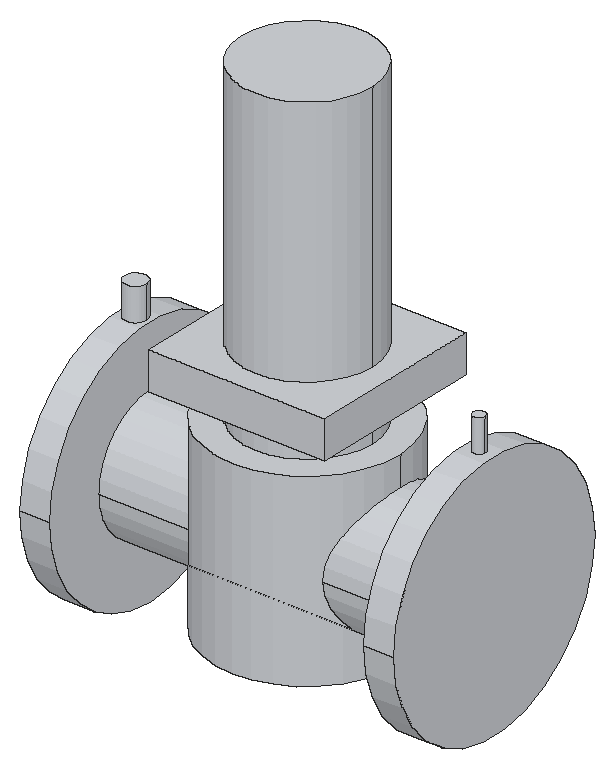
Revit family "PV_Compact_PN16_DN100_(20-100kPa)_RFA_2018", category Pipe Accessories, Revit 2018
Family settings
  Round Connector Dimension = Use Diameter
  Part Type = Valve - Breaks Into
  Work Plane-Based = No
  Always vertical = Yes
  Cut with Voids When Loaded = No
  Shared = No
Parameters (values of type "PV Compact PN16 DN100 (20-100kPa)")
  magiProductId = "9ee8abb4b353443d9e820e5bd3bf33"
  magiProductFamilyId = "23d1f353e6b1477a88f64fef0dfa1d"
  magiPartTypeId = 304
  isMeasuringValve [instance] = no
  ang2D [instance] = 0.00°
  W2D = 50 mm
  VersionID = "2.0/2018.12.13.2/FRESE_PV_COMPACT_BIG_Q13_001"
  Use Minimum Symbol Size [instance] = no
  URL = "www.hydronic.cz"
  Type Comments = "PŘÍRUBOVÝ; PN16; dpmax=1000kPa; -10~+120°C"
  R4 = 61.25 mm
  R3 = 61.1 mm
  R1 = 87.5 mm
  QmdConnectorList = "301;D;302;D"
  Productdata [instance] = ""
  Manufacturer = "Hydronic Systems Prague s.r.o."
  Maintenance Zone Under Depth [instance] = 100 mm
  Maintenance Zone Right Depth [instance] = 100 mm
  Maintenance Zone Over Depth [instance] = 100 mm
  Maintenance Zone Left Depth [instance] = 100 mm
  Maintenance Zone Front Depth [instance] = 100 mm
  Maintenance Zone Back Depth [instance] = 100 mm
  Maintenance Zone Front Visibility [instance] = no
  MC Use Limits From Balancing Method = no
  MC Throttling Minimum Value = 0
  MC Throttling Maximum Value = 0
  MC Product Code = "53-3309 DN100 PN16; nastavitelný rozsah dp=20~100kPa; Q=12,9~51,4 m3/h;  kvs=115"
  MC Pressure Drop Minimum Value = 0.0 Pa
  MC Pressure Drop Maximum Value = 0.0 Pa
  MC Piping Given Pressure Drop [instance] = 0.0 Pa
  LF__ve = -LF  # -28 mm
  LF2 = 14 mm
  LF = 28 mm
  L4 = 164.5 mm
  L3 = 294 mm
  L2D_Min = 30.48 mm
  L2D = 230 mm
  L2 = 175 mm
  H6 = 234.75 mm
  H4 = 35.25 mm
  H3 = 29.375 mm
  H2 = 88.125 mm
  H1 = 176.25 mm
  Description = "Nastavitelný regulátor tlakové diference"
  DF2 = 117.5 mm
  D = 100 mm
  Clearance Zone Height Depth [instance] = 100 mm
  Clearance Zone Circular Radius [instance] = 175 mm
  Clearance Zone Visibility [instance] = no
  CAT0 = yes
Types (7, lengths in mm): name | magiProductId | Type Comments | R4 | R3 | R1 | MC Product Code | LF__ve | LF2 | LF | L4 | L3 | L2 | H6 | H4 | H3 | H2 | H1 | DF2 | D | Clearance Zone Circular Radius
  PV Compact PN16 DN050 (20-100kPa) | "00877ad72a9f485bb97ca64af9b4c2" | "PŘÍRUBOVÝ; PN16; dpmax=1000kPa; -10~+120°C" | 40.25 | 42.9 | 57.5 | "53-3300 DN50 PN16; nastavitelný rozsah dp=20~100kPa; Q=3,2~13 m3/h;  kvs=29" | -18.4 | 9.2 | 18.4 | 108.1 | 193.2 | 115 | 82.25 | 24.75 | 20.625 | 61.875 | 123.75 | 82.5 | 50 | 115
  PV Compact PN16 DN065 (20-100kPa) | "4caf92840fdb43d88ad3b460526bbd" | "PŘÍRUBOVÝ; PN16; dpmax=1000kPa; -10~+120°C" | 50.75 | 48.1 | 72.5 | "53-3303 DN65 PN16; nastavitelný rozsah dp=20~100kPa; Q=4,7~18,8 m3/h;  kvs=42" | -23.2 | 11.6 | 23.2 | 136.3 | 243.6 | 145 | 105.25 | 27.75 | 23.125 | 69.375 | 138.75 | 92.5 | 65 | 145
  PV Compact PN16 DN080 (20-100kPa) | "fe1ae4728650433e927a6ac465ecb1" | "PŘÍRUBOVÝ; PN16; dpmax=1000kPa; -10~+120°C" | 54.25 | 52 | 77.5 | "53-3306 DN80 PN16; nastavitelný rozsah dp=20~100kPa; Q=7,5~30 m3/h;  kvs=67" | -24.8 | 12.4 | 24.8 | 145.7 | 260.4 | 155 | 141 | 30 | 25 | 75 | 150 | 100 | 80 | 155
  PV Compact PN16 DN100 (20-100kPa) | "9ee8abb4b353443d9e820e5bd3bf33" | "PŘÍRUBOVÝ; PN16; dpmax=1000kPa; -10~+120°C" | 61.25 | 61.1 | 87.5 | "53-3309 DN100 PN16; nastavitelný rozsah dp=20~100kPa; Q=12,9~51,4 m3/h;  kvs=115" | -28 | 14 | 28 | 164.5 | 294 | 175 | 234.75 | 35.25 | 29.375 | 88.125 | 176.25 | 117.5 | 100 | 175
  PV Compact PN16 DN125 (20-100kPa) | "e22e3bcdfcda477085ce507150ab41" | "PŘÍRUBOVÝ; PN16; dpmax=1000kPa; -10~+120°C" | 70 | 70.2 | 100 | "53-3312 DN125 PN16; nastavitelný rozsah dp=20~100kPa; Q=19,0~76,0 m3/h;  kvs=170" | -32 | 16 | 32 | 188 | 336 | 200 | 225.5 | 40.5 | 33.75 | 101.25 | 202.5 | 135 | 125 | 200
  PV Compact PN16 DN150 (20-100kPa) | "c042f62d475c462ea84624600fc620" | "PŘÍRUBOVÝ; PN16; dpmax=1000kPa; -10~+120°C" | 84 | 74.1 | 120 | "53-3315 DN150 PN16; nastavitelný rozsah dp=20~100kPa; Q=28,0~112 m3/h;  kvs=250" | -38.4 | 19.2 | 38.4 | 225.6 | 403.2 | 240 | 256.25 | 42.75 | 35.625 | 106.875 | 213.75 | 142.5 | 150 | 240
  PV Compact PN16 DN200 (20-100kPa) | "073b87d1a570497386745af6d59d88" | "PŘÍRUBOVÝ; PN16; dpmax=1000kPa; -10~+110°C" | 105 | 98.8 | 150 | "53-3318 DN200 PN16; nastavitelný rozsah dp=20~100kPa; Q=30,7~123 m3/h;  kvs=275" | -48 | 24 | 48 | 282 | 504 | 300 | 150 | 57 | 47.5 | 142.5 | 285 | 190 | 200 | 300
Reference planes
  plane 1 "Center (Front/Back)": y = 0
  plane 2 "XYPLANE": z = 0
  plane 3 "Center (Left/Right)": x = 0
  plane 4 "257": y = -117.5
  plane 5 "256": y = 117.5
  plane 6 "255": z = -117.5
  plane 7 "254": y = -217.5
  plane 8 "253": y = 217.5
  plane 9 "252": x = -275
  plane 10 "251": x = 275
  plane 11 "250": z = 487.5
  plane 12 "249": z = -217.5
  plane 13 "248": z = 487.5
  plane 14 "247": z = 387.5
  plane 15 "157": x = 161
  plane 16 "156": x = -161
  plane 17 "155": z = 117.5
  plane 18 "154": z = 152.75
  plane 19 "153": z = 117.5
  plane 20 "152": z = 88.125
  plane 21 "151": x = -147
  plane 22 "150": z = -88.125
  plane 23 "149": x = 0
  plane 24 "148": y = 0
  plane 25 "147": z = 0
  plane 26 "146": x = -175
  plane 27 "145": x = 175
Forms (mm)
  Blend 1, solid, visible <- "Maintenance Zone Front Visibility"
    base sketch origin (-750, 0, -217.5) x (1, 0, 0) y (0, 1, 0)
      loop
        line (475, 217.5) -> (475, -217.5) -> (1025, -217.5) -> (1025, 217.5) -> (475, 217.5)
    top sketch origin (-750, 0, -217.5) x (1, 0, 0) y (0, 1, 0)
      loop
        line (475, 217.5) -> (475, -217.5) -> (1025, -217.5) -> (1025, 217.5) -> (475, 217.5)
    from 0 to 705
  Blend 2, solid, visible <- "Clearance Zone Visibility"
    base sketch origin (-750, 0, 0) x (1, 0, 0) y (0, 1, 0)
      loop
        circle (750, 0) r 175
    top sketch origin (-750, 0, 0) x (1, 0, 0) y (0, 1, 0)
      loop
        circle (750, 0) r 175
    from 0 to 487.5
  Extrusion 3, solid, visible <- "CAT0"
    sketch origin (-750, 0, 117.5) x (1, 0, 0) y (0, 1, 0)
      loop
        circle (911, 0) r 5.5
    from 0 to 30
  Extrusion 4, solid, visible <- "CAT0"
    sketch origin (-750, 0, 117.5) x (1, 0, 0) y (0, 1, 0)
      loop
        circle (589, 0) r 10.3
    from 0 to 30
  Extrusion 5, solid
    sketch origin (-750, 0, 152.75) x (1, 0, 0) y (0, 1, 0)
      loop
        circle (750, 0) r 61.25
    from 0 to 234.75 <- "H6"
  Extrusion 6, solid, visible <- "CAT0"
    sketch origin (-750, 0, 117.5) x (1, 0, 0) y (0, 1, 0)
      loop
        line (832.25, 82.25) -> (667.75, 82.25) -> (667.75, -82.25) -> (832.25, -82.25) -> (832.25, 82.25)
    from 0 to 35.25 <- "H4"
  Extrusion 7, solid, visible <- "CAT0"
    sketch origin (-750, 0, 88.125) x (1, 0, 0) y (0, 1, 0)
      loop
        circle (750, 0) r 61.25
    from 0 to 29.375 <- "H3"
  Extrusion 8, solid, visible <- "CAT0"
    sketch origin (-147, -750, 0) x (0, 1, 0) y (0, 0, 1)
      loop
        circle (750, 0) r 61.1
    from 0 to 294 <- "L3"
  Extrusion 9, solid, visible <- "CAT0"
    sketch origin (-750, 0, -88.125) x (1, 0, 0) y (0, 1, 0)
      loop
        circle (750, 0) r 87.5
    from 0 to 176.25 <- "H1"
  Extrusion 10, solid, visible <- "CAT0"
    sketch origin (-175, -750, 0) x (0, 1, 0) y (0, 0, 1)
      loop
        circle (750, 0) r 117.5
    from 0 to 28 <- "LF"
  Extrusion 11, solid, visible <- "CAT0"
    sketch origin (175, -750, 0) x (0, 1, 0) y (0, 0, 1)
      loop
        circle (750, 0) r 117.5
    from 0 to -28 <- "LF__ve"
  Extrusion 12, solid, not visible
    sketch origin (-175, -750, 0) x (0, 1, 0) y (0, 0, 1)
      loop
        circle (750, 0) r 10
    from 0 to 10
  Extrusion 13, solid, not visible
    sketch origin (175, -750, 0) x (0, 1, 0) y (0, 0, 1)
      loop
        circle (750, 0) r 10
    from 0 to -10
Lines and regions (mm)
  reference lines, not visible
    curve 1: circle (2, 2, 0) r 1 normal (0, 0, 1)
  reference lines
    curve 2: circle (0, 0, 117.5) r 1 normal (0, 0, 1)
Dimensions and locks
  plane 1 "Center (Front/Back)" to curve 1 = 2 mm
  "DF2": plane 24 "148" to plane 4 "257"
  "DF2": plane 24 "148" to plane 5 "256"
  "DF2": plane 25 "147" to plane 6 "255"
  "Maintenance Zone Front Depth": plane 4 "257" to plane 7 "254"
  "Maintenance Zone Back Depth": plane 5 "256" to plane 8 "253"
  "Maintenance Zone Left Depth": plane 26 "146" to plane 9 "252"
  "Maintenance Zone Right Depth": plane 27 "145" to plane 10 "251"
  "Maintenance Zone Over Depth": plane 14 "247" to plane 11 "250"
  "Maintenance Zone Under Depth": plane 6 "255" to plane 12 "249"
  "Clearance Zone Height Depth": plane 14 "247" to plane 13 "248"
  "H6": plane 18 "154" to plane 14 "247"
  "LF2": plane 27 "145" to plane 15 "157"
  "LF2": plane 26 "146" to plane 16 "156"
  "DF2": plane 2 "XYPLANE" to plane 17 "155"
  "H4": plane 19 "153" to plane 18 "154"
  "H3": plane 20 "152" to plane 19 "153"
  "H1": plane 22 "150" to plane 20 "152"
  "LF": plane 26 "146" to plane 21 "151"
  "H2": plane 2 "XYPLANE" to plane 22 "150"
  locked: plane 3 "Center (Left/Right)" to plane 23 "149"
  locked: plane 1 "Center (Front/Back)" to plane 24 "148"
  locked: plane 2 "XYPLANE" to plane 25 "147"
  "L2": plane 3 "Center (Left/Right)" to plane 26 "146"
  "L2": plane 3 "Center (Left/Right)" to plane 27 "145"
  Blend 1 sketch curve to Blend 1 sketch curve = 0 mm  (x16)
  equal spacing: Extrusion 6 sketch curve, curve 2, Extrusion 6 sketch curve  (x2)
  "L4": Extrusion 6 sketch curve to Extrusion 6 sketch curve  (x2)
  Extrusion 6 sketch curve to Extrusion 6 sketch curve = 0 mm  (x8)
  "Clearance Zone Circular Radius": radius of Blend 2 sketch curve  (x2)
  "R4": radius of Extrusion 5 sketch curve
  "R4": radius of Extrusion 7 sketch curve
  "R3": radius of Extrusion 8 sketch curve
  "R1": radius of Extrusion 9 sketch curve
  "DF2": radius of Extrusion 10 sketch curve
  "DF2": radius of Extrusion 11 sketch curve
  aligned and locked: level to plane 2 "XYPLANE"
  aligned and locked: Blend 1 sketch curve to plane 8 "253"  (x2)
  aligned and locked: plane 9 "252" to Blend 1 sketch curve  (x4)
  aligned and locked: plane 10 "251" to Blend 1 sketch curve  (x4)
  aligned and locked: plane 8 "253" to Blend 1 sketch curve  (x2)
  aligned and locked: plane 7 "254" to Blend 1 sketch curve  (x4)
  aligned and locked: plane 11 "250" to Blend 1
  aligned and locked: plane 23 "149" to Blend 2 sketch curve  (x2)
  aligned and locked: plane 24 "148" to Blend 2 sketch curve  (x2)
  aligned and locked: plane 13 "248" to Blend 2
  aligned and locked: plane 15 "157" to Extrusion 3 sketch curve
  aligned and locked: plane 24 "148" to Extrusion 3 sketch curve
  aligned and locked: plane 16 "156" to Extrusion 4 sketch curve
  aligned and locked: plane 24 "148" to Extrusion 4 sketch curve
  aligned and locked: plane 23 "149" to Extrusion 5 sketch curve
  aligned and locked: plane 24 "148" to Extrusion 5 sketch curve
  aligned and locked: plane 23 "149" to curve 2
  aligned and locked: plane 24 "148" to curve 2
  aligned and locked: plane 23 "149" to Extrusion 7 sketch curve
  aligned and locked: plane 24 "148" to Extrusion 7 sketch curve
  aligned and locked: Extrusion 8 sketch curve to plane 24 "148"
  aligned and locked: plane 25 "147" to Extrusion 8 sketch curve
  aligned and locked: plane 23 "149" to Extrusion 9 sketch curve
  aligned and locked: plane 24 "148" to Extrusion 9 sketch curve
  aligned and locked: Extrusion 10 sketch curve to plane 24 "148"
  aligned and locked: plane 25 "147" to Extrusion 10 sketch curve
  aligned and locked: Extrusion 11 sketch curve to plane 24 "148"
  aligned and locked: plane 25 "147" to Extrusion 11 sketch curve
  aligned and locked: Extrusion 12 sketch curve to plane 24 "148"
  aligned and locked: plane 25 "147" to Extrusion 12 sketch curve
  aligned and locked: Extrusion 13 sketch curve to plane 24 "148"
  aligned and locked: plane 25 "147" to Extrusion 13 sketch curve
Automatic sketch dimensions
  Extrusion 3 sketch curve to plane 15 "157" = 5.5 mm
  plane 26 "146" to Extrusion 4 sketch curve = 3.7 mm
  plane 1 "Center (Front/Back)" to Extrusion 12 sketch curve = 10 mm
  plane 1 "Center (Front/Back)" to Extrusion 13 sketch curve = 10 mm
  plane 3 "Center (Left/Right)" to curve 1 = 2 mm
  plane 21 "151" to Extrusion 6 sketch curve = 64.75 mm
  plane 4 "257" to Extrusion 6 sketch curve = 35.25 mm
  radius of curve 2 = 1 mm
  radius of curve 1 = 1 mm
Connectors
  piping at (-175, 0, 0), diameter 100, driven by "D"
    settings: on Extrusion 12, index 1, connector inside diameter 609.6 mm, connector length 0 mm, flow factor 0, pipe flow 0.0 L/s, pressure drop 0.0 Pa, fitting loss kfactor 0, connector angle 0.00°, fixture units 0, engagement length 0 mm, angle of deflection 0.00°, flow configuration 0, flow direction 0, fitting loss method 0, system type 29, joint type 0, gender type 0, connector reference index 2, connector utility 0, adjustable connector no, is connector primary yes, connector description ""
  piping at (175, 0, 0), diameter 100, driven by "D"
    settings: on Extrusion 13, index 2, connector inside diameter 609.6 mm, connector length 0 mm, flow factor 0, pipe flow 0.0 L/s, pressure drop 0.0 Pa, fitting loss kfactor 0, connector angle 0.00°, fixture units 0, engagement length 0 mm, angle of deflection 0.00°, flow configuration 0, flow direction 0, fitting loss method 0, system type 29, joint type 0, gender type 0, connector reference index 1, connector utility 0, adjustable connector no, is connector primary no, connector description ""
